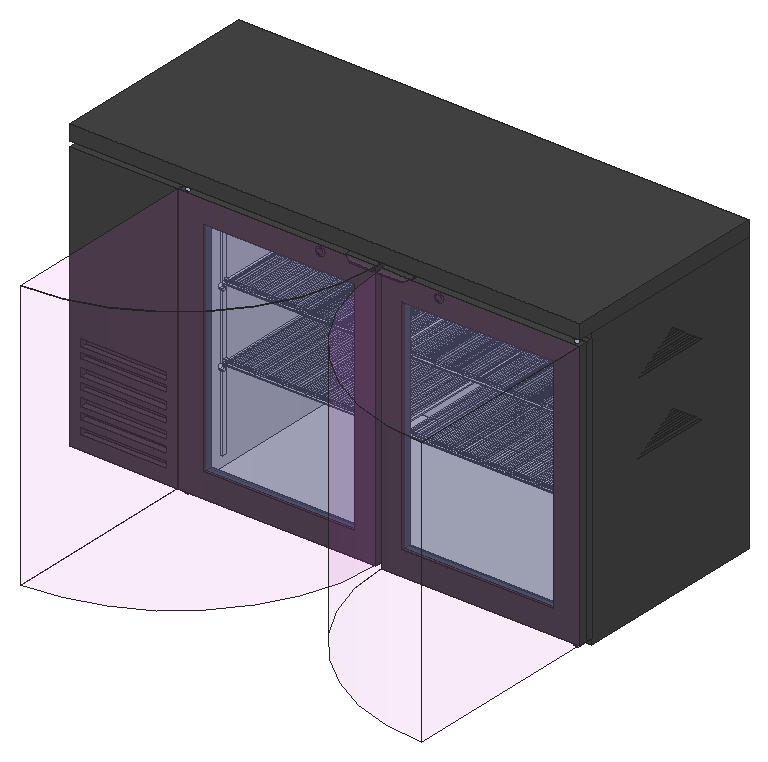
Revit family "QF_True_TBB24-60-2G-Z1-BST-B-1_Glass_Swing_Door_Back_Bar", category Specialty Equipment, Revit 2021 (continued)
Definition of nested family "TBB24-60-2G-Z1-BST-B-1"
  Forms (in)
    Extrusion 218, solid
      sketch origin (40.40747, -21.41792, 22.04105) x (0, 0, -1) y (1, 0, 0)
        loop
          circle (-0.03189, 15.80488) r 0.03205
      from 0 to -18.90457
    Extrusion 219, solid
      sketch origin (21.18991, -21.41792, 13.54105) x (0, 0, -1) y (1, 0, 0)
        loop
          circle (-0.03189, 15.80488) r 0.03205
      from 0 to -18.90457
    Extrusion 220, solid
      sketch origin (40.73881, -21.41792, 13.54105) x (0, 0, -1) y (1, 0, 0)
        loop
          circle (-0.03189, 15.80488) r 0.03205
      from 0 to -18.90457
    Extrusion 221, solid
      sketch origin (21.52125, -21.41792, 13.54105) x (0, 0, -1) y (1, 0, 0)
        loop
          circle (-0.03189, 15.80488) r 0.03205
      from 0 to -18.90457
    Extrusion 222, solid
      sketch origin (21.85259, -21.41792, 13.54105) x (0, 0, -1) y (1, 0, 0)
        loop
          circle (-0.03189, 15.80488) r 0.03205
      from 0 to -18.90457
    Extrusion 223, solid
      sketch origin (22.18392, -21.41792, 13.54105) x (0, 0, -1) y (1, 0, 0)
        loop
          circle (-0.03189, 15.80488) r 0.03205
      from 0 to -18.90457
    Extrusion 224, solid
      sketch origin (22.51526, -21.41792, 13.54105) x (0, 0, -1) y (1, 0, 0)
        loop
          circle (-0.03189, 15.80488) r 0.03205
      from 0 to -18.90457
    Extrusion 225, solid
      sketch origin (22.8466, -21.41792, 13.54105) x (0, 0, -1) y (1, 0, 0)
        loop
          circle (-0.03189, 15.80488) r 0.03205
      from 0 to -18.90457
    Extrusion 226, solid
      sketch origin (23.17793, -21.41792, 13.54105) x (0, 0, -1) y (1, 0, 0)
        loop
          circle (-0.03189, 15.80488) r 0.03205
      from 0 to -18.90457
    Extrusion 227, solid
      sketch origin (23.50927, -21.41792, 13.54105) x (0, 0, -1) y (1, 0, 0)
        loop
          circle (-0.03189, 15.80488) r 0.03205
      from 0 to -18.90457
    Extrusion 228, solid
      sketch origin (23.84061, -21.41792, 13.54105) x (0, 0, -1) y (1, 0, 0)
        loop
          circle (-0.03189, 15.80488) r 0.03205
      from 0 to -18.90457
    Extrusion 229, solid
      sketch origin (24.17195, -21.41792, 13.54105) x (0, 0, -1) y (1, 0, 0)
        loop
          circle (-0.03189, 15.80488) r 0.03205
      from 0 to -18.90457
    Extrusion 230, solid
      sketch origin (24.50328, -21.41792, 13.54105) x (0, 0, -1) y (1, 0, 0)
        loop
          circle (-0.03189, 15.80488) r 0.03205
      from 0 to -18.90457
    Extrusion 231, solid
      sketch origin (24.83462, -21.41792, 13.54105) x (0, 0, -1) y (1, 0, 0)
        loop
          circle (-0.03189, 15.80488) r 0.03205
      from 0 to -18.90457
    Extrusion 232, solid
      sketch origin (25.16596, -21.41792, 13.54105) x (0, 0, -1) y (1, 0, 0)
        loop
          circle (-0.03189, 15.80488) r 0.03205
      from 0 to -18.90457
    Extrusion 233, solid
      sketch origin (25.4973, -21.41792, 13.54105) x (0, 0, -1) y (1, 0, 0)
        loop
          circle (-0.03189, 15.80488) r 0.03205
      from 0 to -18.90457
    Extrusion 234, solid
      sketch origin (25.82863, -21.41792, 13.54105) x (0, 0, -1) y (1, 0, 0)
        loop
          circle (-0.03189, 15.80488) r 0.03205
      from 0 to -18.90457
    Extrusion 235, solid
      sketch origin (26.15997, -21.41792, 13.54105) x (0, 0, -1) y (1, 0, 0)
        loop
          circle (-0.03189, 15.80488) r 0.03205
      from 0 to -18.90457
    Extrusion 236, solid
      sketch origin (26.49131, -21.41792, 13.54105) x (0, 0, -1) y (1, 0, 0)
        loop
          circle (-0.03189, 15.80488) r 0.03205
      from 0 to -18.90457
    Extrusion 237, solid
      sketch origin (26.82264, -21.41792, 13.54105) x (0, 0, -1) y (1, 0, 0)
        loop
          circle (-0.03189, 15.80488) r 0.03205
      from 0 to -18.90457
    Extrusion 238, solid
      sketch origin (27.15398, -21.41792, 13.54105) x (0, 0, -1) y (1, 0, 0)
        loop
          circle (-0.03189, 15.80488) r 0.03205
      from 0 to -18.90457
    Extrusion 239, solid
      sketch origin (27.48532, -21.41792, 13.54105) x (0, 0, -1) y (1, 0, 0)
        loop
          circle (-0.03189, 15.80488) r 0.03205
      from 0 to -18.90457
    Extrusion 240, solid
      sketch origin (27.81666, -21.41792, 13.54105) x (0, 0, -1) y (1, 0, 0)
        loop
          circle (-0.03189, 15.80488) r 0.03205
      from 0 to -18.90457
    Extrusion 241, solid
      sketch origin (28.14799, -21.41792, 13.54105) x (0, 0, -1) y (1, 0, 0)
        loop
          circle (-0.03189, 15.80488) r 0.03205
      from 0 to -18.90457
    Extrusion 242, solid
      sketch origin (28.47933, -21.41792, 13.54105) x (0, 0, -1) y (1, 0, 0)
        loop
          circle (-0.03189, 15.80488) r 0.03205
      from 0 to -18.90457
    Extrusion 243, solid
      sketch origin (28.81067, -21.41792, 13.54105) x (0, 0, -1) y (1, 0, 0)
        loop
          circle (-0.03189, 15.80488) r 0.03205
      from 0 to -18.90457
    Extrusion 244, solid
      sketch origin (29.142, -21.41792, 13.54105) x (0, 0, -1) y (1, 0, 0)
        loop
          circle (-0.03189, 15.80488) r 0.03205
      from 0 to -18.90457
    Extrusion 245, solid
      sketch origin (29.47334, -21.41792, 13.54105) x (0, 0, -1) y (1, 0, 0)
        loop
          circle (-0.03189, 15.80488) r 0.03205
      from 0 to -18.90457
    Extrusion 246, solid
      sketch origin (29.80468, -21.41792, 13.54105) x (0, 0, -1) y (1, 0, 0)
        loop
          circle (-0.03189, 15.80488) r 0.03205
      from 0 to -18.90457
    Extrusion 247, solid
      sketch origin (30.13602, -21.41792, 13.54105) x (0, 0, -1) y (1, 0, 0)
        loop
          circle (-0.03189, 15.80488) r 0.03205
      from 0 to -18.90457
    Extrusion 248, solid
      sketch origin (30.46735, -21.41792, 13.54105) x (0, 0, -1) y (1, 0, 0)
        loop
          circle (-0.03189, 15.80488) r 0.03205
      from 0 to -18.90457
    Extrusion 249, solid
      sketch origin (30.79869, -21.41792, 13.54105) x (0, 0, -1) y (1, 0, 0)
        loop
          circle (-0.03189, 15.80488) r 0.03205
      from 0 to -18.90457
    Extrusion 250, solid
      sketch origin (31.13003, -21.41792, 13.54105) x (0, 0, -1) y (1, 0, 0)
        loop
          circle (-0.03189, 15.80488) r 0.03205
      from 0 to -18.90457
    Extrusion 251, solid
      sketch origin (31.46137, -21.41792, 13.54105) x (0, 0, -1) y (1, 0, 0)
        loop
          circle (-0.03189, 15.80488) r 0.03205
      from 0 to -18.90457
    Extrusion 252, solid
      sketch origin (31.7927, -21.41792, 13.54105) x (0, 0, -1) y (1, 0, 0)
        loop
          circle (-0.03189, 15.80488) r 0.03205
      from 0 to -18.90457
    Extrusion 253, solid
      sketch origin (32.12404, -21.41792, 13.54105) x (0, 0, -1) y (1, 0, 0)
        loop
          circle (-0.03189, 15.80488) r 0.03205
      from 0 to -18.90457
    Extrusion 254, solid
      sketch origin (32.45538, -21.41792, 13.54105) x (0, 0, -1) y (1, 0, 0)
        loop
          circle (-0.03189, 15.80488) r 0.03205
      from 0 to -18.90457
    Extrusion 255, solid
      sketch origin (32.78671, -21.41792, 13.54105) x (0, 0, -1) y (1, 0, 0)
        loop
          circle (-0.03189, 15.80488) r 0.03205
      from 0 to -18.90457
    Extrusion 256, solid
      sketch origin (33.11805, -21.41792, 13.54105) x (0, 0, -1) y (1, 0, 0)
        loop
          circle (-0.03189, 15.80488) r 0.03205
      from 0 to -18.90457
    Extrusion 257, solid
      sketch origin (33.44939, -21.41792, 13.54105) x (0, 0, -1) y (1, 0, 0)
        loop
          circle (-0.03189, 15.80488) r 0.03205
      from 0 to -18.90457
    Extrusion 258, solid
      sketch origin (33.78073, -21.41792, 13.54105) x (0, 0, -1) y (1, 0, 0)
        loop
          circle (-0.03189, 15.80488) r 0.03205
      from 0 to -18.90457
    Extrusion 259, solid
      sketch origin (34.11206, -21.41792, 13.54105) x (0, 0, -1) y (1, 0, 0)
        loop
          circle (-0.03189, 15.80488) r 0.03205
      from 0 to -18.90457
    Extrusion 260, solid
      sketch origin (34.4434, -21.41792, 13.54105) x (0, 0, -1) y (1, 0, 0)
        loop
          circle (-0.03189, 15.80488) r 0.03205
      from 0 to -18.90457
    Extrusion 261, solid
      sketch origin (34.77474, -21.41792, 13.54105) x (0, 0, -1) y (1, 0, 0)
        loop
          circle (-0.03189, 15.80488) r 0.03205
      from 0 to -18.90457
    Extrusion 262, solid
      sketch origin (35.10607, -21.41792, 13.54105) x (0, 0, -1) y (1, 0, 0)
        loop
          circle (-0.03189, 15.80488) r 0.03205
      from 0 to -18.90457
    Extrusion 263, solid
      sketch origin (35.43741, -21.41792, 13.54105) x (0, 0, -1) y (1, 0, 0)
        loop
          circle (-0.03189, 15.80488) r 0.03205
      from 0 to -18.90457
    Extrusion 264, solid
      sketch origin (35.76875, -21.41792, 13.54105) x (0, 0, -1) y (1, 0, 0)
        loop
          circle (-0.03189, 15.80488) r 0.03205
      from 0 to -18.90457
    Extrusion 265, solid
      sketch origin (36.10009, -21.41792, 13.54105) x (0, 0, -1) y (1, 0, 0)
        loop
          circle (-0.03189, 15.80488) r 0.03205
      from 0 to -18.90457
    Extrusion 266, solid
      sketch origin (36.43142, -21.41792, 13.54105) x (0, 0, -1) y (1, 0, 0)
        loop
          circle (-0.03189, 15.80488) r 0.03205
      from 0 to -18.90457
    Extrusion 267, solid
      sketch origin (36.76276, -21.41792, 13.54105) x (0, 0, -1) y (1, 0, 0)
        loop
          circle (-0.03189, 15.80488) r 0.03205
      from 0 to -18.90457
    Extrusion 268, solid
      sketch origin (37.0941, -21.41792, 13.54105) x (0, 0, -1) y (1, 0, 0)
        loop
          circle (-0.03189, 15.80488) r 0.03205
      from 0 to -18.90457
    Extrusion 269, solid
      sketch origin (37.42544, -21.41792, 13.54105) x (0, 0, -1) y (1, 0, 0)
        loop
          circle (-0.03189, 15.80488) r 0.03205
      from 0 to -18.90457
    Extrusion 270, solid
      sketch origin (37.75677, -21.41792, 13.54105) x (0, 0, -1) y (1, 0, 0)
        loop
          circle (-0.03189, 15.80488) r 0.03205
      from 0 to -18.90457
    Extrusion 271, solid
      sketch origin (38.08811, -21.41792, 13.54105) x (0, 0, -1) y (1, 0, 0)
        loop
          circle (-0.03189, 15.80488) r 0.03205
      from 0 to -18.90457
    Extrusion 272, solid
      sketch origin (38.41945, -21.41792, 13.54105) x (0, 0, -1) y (1, 0, 0)
        loop
          circle (-0.03189, 15.80488) r 0.03205
      from 0 to -18.90457
    Extrusion 273, solid
      sketch origin (38.75078, -21.41792, 13.54105) x (0, 0, -1) y (1, 0, 0)
        loop
          circle (-0.03189, 15.80488) r 0.03205
      from 0 to -18.90457
    Extrusion 274, solid
      sketch origin (39.08212, -21.41792, 13.54105) x (0, 0, -1) y (1, 0, 0)
        loop
          circle (-0.03189, 15.80488) r 0.03205
      from 0 to -18.90457
    Extrusion 275, solid
      sketch origin (39.41346, -21.41792, 13.54105) x (0, 0, -1) y (1, 0, 0)
        loop
          circle (-0.03189, 15.80488) r 0.03205
      from 0 to -18.90457
    Extrusion 276, solid
      sketch origin (39.7448, -21.41792, 13.54105) x (0, 0, -1) y (1, 0, 0)
        loop
          circle (-0.03189, 15.80488) r 0.03205
      from 0 to -18.90457
    Extrusion 277, solid
      sketch origin (40.07613, -21.41792, 13.54105) x (0, 0, -1) y (1, 0, 0)
        loop
          circle (-0.03189, 15.80488) r 0.03205
      from 0 to -18.90457
    Extrusion 278, solid
      sketch origin (40.40747, -21.41792, 13.54105) x (0, 0, -1) y (1, 0, 0)
        loop
          circle (-0.03189, 15.80488) r 0.03205
      from 0 to -18.90457
    Revolve 279, solid
      sketch origin (-45.75, -24.2475, 32.27501) x (0, 0, -1) y (1, 0, 0)
        loop
          line (-0.66249, 59.28125) -> (0, 59.28125) -> (0, 59.53125) -> (-0.5, 59.53125) -> (-0.5, 59.70135) -> (-0.66249, 59.70135) -> (-0.66249, 59.28125)
        axis (-0.66249, 59.28125) -> (0, 59.28125)
      angle from 0 to 360
    Revolve 280, solid
      sketch origin (118.5625, -24.2475, 32.27501) x (0, 0, -1) y (1, 0, 0)
        loop
          line (-0.66249, -59.28125) -> (-0.66249, -59.70135) -> (-0.5, -59.70135) -> (-0.5, -59.53125) -> (0, -59.53125) -> (0, -59.28125) -> (-0.66249, -59.28125)
        axis (-0.66249, -59.28125) -> (0, -59.28125)
      angle from 0 to 360
    Blend 281, solid, material <- "Door Finish"
      base sketch origin (-19, -24.875, 35.99786) x (0, 0, -1) y (1, 0, 0)
        loop
          circle (4.37806, 48.52437) r 0.5
      top sketch origin (-19, -24.875, 35.99786) x (0, 0, 1) y (1, 0, 0)
        loop
          circle (-4.37806, 48.52437) r 0.37406
      from 0 to 0.04478
    Extrusion 282, solid, material <- "Door Finish"
      sketch origin (36.09375, -23.80172, 31.67503) x (0, 0, -1) y (0, 1, 0)
        loop
          line (-0.59999, -0.37926) -> (-0.72499, -0.37926) -> (-0.72499, -1.07258) -> (-0.43164, -1.54203) -> (-0.28424, -1.54203) -> (-0.59999, -1.03673) -> (-0.59999, -0.37926)
      from 0 to -3.5
    Extrusion 283, void
      sketch origin (36.09375, -24.8743, 32.40001) x (0, 0.848048, 0.529919) y (1, 0, 0)
        loop
          line (0, -3.5) -> (-0.84728, -2.4866) -> (-0.84728, -3.5) -> (0, -3.5)
      from 0 to 0.25
    Extrusion 284, solid, material <- "Door Finish"
      sketch origin (40.21875, -23.80172, 31.67503) x (0, 0, -1) y (0, 1, 0)
        loop
          line (-0.59999, -0.37926) -> (-0.72499, -0.37926) -> (-0.72499, -1.07258) -> (-0.43164, -1.54203) -> (-0.28424, -1.54203) -> (-0.59999, -1.03673) -> (-0.59999, -0.37926)
      from 0 to -3.5
    Extrusion 285, solid, material <- "Door Finish"
      sketch origin (1.0398, -23.09422, 32.9375) x (0, 0, -1) y (1, 0, 0)
        loop
          line (0.66249, 11.74145) -> (32.25, 11.74145) -> (32.25, 35.05395) -> (0.66249, 35.05395) -> (0.66249, 11.74145)
        loop
          line (3.27169, 14.74153) -> (29.40712, 14.74153) -> (29.40712, 32.59088) -> (3.27169, 32.59088) -> (3.27169, 14.74153)
      from 1.78078 to 0.64622
    Extrusion 286, void
      sketch origin (36.71875, -24.8743, 32.40001) x (0, 0.848048, 0.529919) y (1, 0, 0)
        loop
          line (0, 3.5) -> (-0.84728, 3.5) -> (-0.84728, 2.4866) -> (0, 3.5)
      from 0 to 0.25
    Extrusion 287, solid, visible <- "Show Door Clearance"
      sketch origin (36.01135, -23.09422, 0.6875) x (0, -1, 0) y (-1, 0, 0)
        loop
          line (1.78078, -0.7074) -> (1.78078, -24.0199) -> (24.99753, -24.0199)
          arc (24.99753, -24.0199) -> (18.11444, -7.65777) -> (1.78078, -0.7074) r 23.62444
      from 0 to -31.58751
    Extrusion 288, solid, visible <- "Show Door Clearance"
      sketch origin (36.80115, -23.09422, 0.6875) x (0, 1, 0) y (1, 0, 0)
        loop
          arc (-1.78078, -0.7074) -> (-18.11444, -7.65777) -> (-24.99753, -24.0199) r 23.62444
          line (-24.99753, -24.0199) -> (-1.78078, -24.0199) -> (-1.78078, -0.7074)
      from 0 to -31.58751
    Extrusion 289, solid
      sketch origin (34.40058, -23.09422, 3.53038) x (-1, 0, 0) y (0, -1, 0)
        loop
          line (18.61924, 1.4635) -> (0.7699, 1.4635) -> (0.7699, 0.9635) -> (18.61924, 0.9635) -> (18.61924, 1.4635)
      from 0 to 26.13543
    Extrusion 290, solid
      sketch origin (57.80107, -23.09422, 3.53038) x (-1, 0, 0) y (0, -1, 0)
        loop
          line (18.61924, 1.4635) -> (0.7699, 1.4635) -> (0.7699, 0.9635) -> (18.61924, 0.9635) -> (18.61924, 1.4635)
      from 0 to 26.13543
  Cuts and joins
    Extrusion 3, Extrusion 5 cuts Extrusion 2
    Extrusion 5 cuts Extrusion 4
    joined: Extrusion 26, Extrusion 27
    Extrusion 283, Extrusion 286 cuts Extrusion 282
    Extrusion 286 cuts Extrusion 285
    Extrusion 286 cuts Extrusion 284
  Lines and regions (in)
    Split face 1
      outline origin (0, 0.03125, 32.6875) x (0, 0, 1) y (1, 0, 0)
        loop
          line (-15.04167, 10.7061) -> (-29.59231, 10.7061) -> (-29.59231, 0.9561) -> (-15.04167, 0.9561) -> (-15.04167, 10.7061)
    Split face 2
      outline origin (60.03125, 0, 0) x (-1, 0, 0) y (0, 0, 1)
        loop
          line (48.03125, 32.9375) -> (48.03125, 0)
        loop
          line (45.65625, 0) -> (45.65625, 32.9375)
        loop
          line (2.75, 32.9375) -> (2.75, 0)
    Split face 3
      outline origin (0, -24.875, 32.27501) x (-1, 0, 0) y (0, 0, -1)
        loop
          line (-2.26866, 1.36126) -> (-2.26866, 2.86126) -> (-10.197, 2.86126) -> (-10.197, 1.36126) -> (-2.26866, 1.36126)
    symbolic lines
      curve 1: line (60.03125, 0, 0) -> (0, 0, 0)
      curve 2: line (0, 0, 0) -> (0, -25.34375, 0)
      curve 3: line (60.03125, -25.34375, 0) -> (60.03125, 0, 0)
      curve 4: line (0, -24.875, 0) -> (60.03125, -24.875, 0)
      curve 7: line (33.34928, -25.34375, 0) -> (32.68817, -24.875, 0)
      curve 8: line (33.34928, -25.34375, 0) -> (36.09375, -25.34375, 0)
      curve 9: line (36.09375, -25.34375, 0) -> (36.09375, -24.875, 0)
      curve 10: line (39.46322, -25.34375, 0) -> (40.12433, -24.875, 0)
      curve 11: line (39.46322, -25.34375, 0) -> (36.71875, -25.34375, 0)
      curve 12: line (36.71875, -25.34375, 0) -> (36.71875, -24.875, 0)
    symbolic lines, visible <- "Show Door Clearance"
      curve 5: line (12.78125, -24.875, 0) -> (32.83289, -36.45182, 0)
      curve 6: line (60.03125, -24.875, 0) -> (39.97961, -36.45182, 0)
      curve 13: arc (36.09375, -24.875, 0) -> (35.21239, -30.8744, 0) -> (32.83289, -36.45182, 0) r 23.62444
      curve 14: arc (39.97961, -36.45182, 0) -> (37.60011, -30.8744, 0) -> (36.71875, -24.875, 0) r 23.62444
  Dimensions and locks (in)
    equal spacing: plane 3 "LEFT", plane 7 "Center Y", plane 4 "RIGHT"
    "Length": plane 3 "LEFT" to plane 4 "RIGHT"
    equal spacing: plane 5 "FRONT", plane 8 "Center X", plane 1 "BACK"
    "Depth": plane 5 "FRONT" to plane 1 "BACK"
    "Height": plane 6 "TOP" to level
    plane 1 "BACK" to plane 9 = 48 3/32"
    plane 10 to level = 11/16"
    plane 5 "FRONT" to plane 1 "BACK" = 25 11/32"
    plane 9 to plane 1 "BACK" = 48 3/32"
    plane 6 "TOP" to plane 11 = 1 25/32"
    equal spacing: group 1, group 3, group 4, group 5, group 6, group 7, group 8, group 9, group 10, group 11, group 12, group 13, group 14, group 15, group 16, group 17, group 18, group 19, group 20, group 21, group 22, group 23, group 24, group 25, group 26, group 27, group 28, group 29, group 30, group 31, group 32, group 33, group 34, group 35, group 36, group 37, group 38, group 39, group 40, group 41, group 42, group 43, group 44, group 45, group 46, group 47, group 48, group 49, group 50, group 2  (x3)
    plane 5 "FRONT" to plane 9 = 22 3/4"
    plane 4 "RIGHT" to plane 3 "LEFT" = 60 1/32"
    plane 15 to plane 1 "BACK" = 24 7/8"
    equal spacing: group 51, group 53, group 54, group 55, group 56, group 57, group 58, group 59, group 60, group 61, group 62, group 63, group 64, group 65, group 66, group 67, group 68, group 69, group 70, group 71, group 72, group 73, group 74, group 75, group 76, group 77, group 78, group 79, group 80, group 81, group 82, group 83, group 84, group 85, group 86, group 87, group 88, group 89, group 90, group 91, group 92, group 93, group 94, group 95, group 96, group 97, group 98, group 99, group 100, group 101, group 102, group 103, group 104, group 105, group 106, group 107, group 108, group 109, group 110, group 52  (x3)
    aligned and locked: level to plane 2
  Automatic sketch dimensions
    Extrusion 1 sketch curve to plane 3 "LEFT" = 0"
    plane 4 "RIGHT" to Extrusion 1 sketch curve = 0"
    Extrusion 1 sketch curve to plane 11 = 0"
    Extrusion 1 sketch curve to plane 6 "TOP" = 0"
    plane 11 to Extrusion 2 sketch curve = 0"
    Extrusion 2 sketch curve to level = 0"
    Extrusion 2 sketch curve to plane 1 "BACK" = 0"
    Extrusion 2 sketch curve to plane 13 = 1.6763"
    plane 1 "BACK" to Extrusion 3 sketch curve = 1.91691"
    Extrusion 3 sketch curve to plane 13 = 1.6763"
    plane 3 "LEFT" to Extrusion 3 sketch curve = 14 29/32"
    plane 4 "RIGHT" to Extrusion 3 sketch curve = 2.61437"
    Extrusion 4 sketch curve to Extrusion 2 = 0"
    Extrusion 4 sketch curve to Extrusion 2 = 0.66249"
    Extrusion 4 sketch curve to Extrusion 2 = 11/16"
    Extrusion 2 to Extrusion 4 sketch curve = 12 25/32"
    Extrusion 4 to Extrusion 5 sketch curve = 1.61339"
    Extrusion 5 sketch curve to Extrusion 5 sketch curve = 0.82714"  (x4)
    Extrusion 5 sketch curve to Extrusion 5 sketch curve = 0.79786"
    Extrusion 5 sketch curve to Extrusion 5 sketch curve = 0.57908"  (x2)
    Extrusion 5 sketch curve to Extrusion 5 sketch curve = 1"  (x3)
    Extrusion 5 sketch curve to Extrusion 5 sketch curve = 0.71878"
    Extrusion 5 sketch curve to Extrusion 5 sketch curve = 0.84378"
    Extrusion 5 sketch curve to Extrusion 5 sketch curve = 0.45408"
    Extrusion 4 to Extrusion 5 sketch curve = 1.27626"  (x2)
    Extrusion 5 sketch curve to Extrusion 5 sketch curve = 0"  (x11)
    Extrusion 4 to Extrusion 5 sketch curve = 1.32665"
    Extrusion 6 sketch curve to Extrusion 2 = 0"
    Extrusion 2 to Extrusion 6 sketch curve = 9/16"
    Extrusion 6 sketch curve to Extrusion 6 sketch curve = 3/4"  (x3)
    Extrusion 6 sketch curve to Extrusion 2 = 13.59037"
    Extrusion 2 to Extrusion 6 sketch curve = 3/4"
    Extrusion 6 sketch curve to Extrusion 6 sketch curve = 0"  (x2)
    Extrusion 6 sketch curve to Extrusion 6 sketch curve = 0.44096"
    Extrusion 6 sketch curve to Extrusion 6 sketch curve = 4.44897"
    Extrusion 6 sketch curve to Extrusion 6 sketch curve = 10.52264"
    Split face 1 sketch curve to Extrusion 6 = 2.53269"
    Split face 1 sketch curve to Extrusion 6 = 2.4513"
    Split face 1 sketch curve to Extrusion 6 = 0.9561"
    Split face 1 sketch curve to Extrusion 6 = 1.31655"
    Extrusion 7 sketch curve to Extrusion 6 = 0.05904"
    Extrusion 6 to Extrusion 7 sketch curve = 0.19096"  (x2)
    Extrusion 7 sketch curve to Extrusion 6 = 0.31699"  (x2)
    Extrusion 7 sketch curve to Extrusion 7 sketch curve = 1/2"  (x2)
    Extrusion 7 sketch curve to Extrusion 7 sketch curve = 1/4"
    Extrusion 7 sketch curve to Extrusion 7 sketch curve = 0.43301"  (x2)
    Extrusion 8 sketch curve to Extrusion 6 = 0.72262"
    Extrusion 8 sketch curve to Extrusion 6 = 1.73005"
    Split face 2 sketch curve to cut or joined group of Extrusion 2, Extrusion 3, Extrusion 5 = 0"  (x6)
    Split face 2 sketch curve to cut or joined group of Extrusion 2, Extrusion 3, Extrusion 5 = 2 3/4"
    Split face 2 sketch curve to cut or joined group of Extrusion 2, Extrusion 3, Extrusion 5 = 14 3/8"
    Split face 2 sketch curve to Split face 2 sketch curve = 2 3/8"
    plane 11 to Blend 9 sketch curve = 1.31771"  (x2)
    plane 7 "Center Y" to Blend 9 sketch curve = 13.50874"  (x2)
    Split face 3 sketch curve to cut or joined group of Extrusion 4, Extrusion 5 = 1.2576"
    Split face 3 sketch curve to cut or joined group of Extrusion 4, Extrusion 5 = 0.9924"
    Split face 3 sketch curve to cut or joined group of Extrusion 4, Extrusion 5 = 1.36126"
    Split face 3 sketch curve to Split face 3 sketch curve = 1 1/2"
    Extrusion 10 sketch curve to Extrusion 3 = 1.6763"
    Extrusion 10 sketch curve to Extrusion 10 sketch curve = 1/2"  (x2)
    Extrusion 3 to Extrusion 10 sketch curve = 3.25101"
    Extrusion 3 to Extrusion 10 sketch curve = 1.46788"  (x2)
    Extrusion 3 to Extrusion 10 sketch curve = 1.74463"  (x2)
    Extrusion 3 to Extrusion 11 sketch curve = 2.75101"
    Extrusion 11 sketch curve to Extrusion 11 sketch curve = 1/2"  (x2)
    Extrusion 3 to Extrusion 11 sketch curve = 2.1763"
    Extrusion 3 to Extrusion 11 sketch curve = 1.46788"  (x2)
    Extrusion 3 to Extrusion 11 sketch curve = 1.74463"  (x2)
    Extrusion 3 to Extrusion 12 sketch curve = 1.46788"  (x4)
    Extrusion 12 sketch curve to Extrusion 3 = 3.8189"
    Extrusion 12 sketch curve to Extrusion 12 sketch curve = 1/2"  (x4)
    Extrusion 12 sketch curve to Extrusion 12 sketch curve = 15 5/16"
    Extrusion 12 sketch curve to Extrusion 12 sketch curve = 1.77627"
    Extrusion 3 to Extrusion 12 sketch curve = 1.74463"  (x4)
    Extrusion 12 sketch curve to Extrusion 3 = 4.27984"
    Sweep 13 sketch curve to plane 13 = 0"
    plane 13 to Sweep 13 sketch curve = 1/2"
    plane 7 "Center Y" to Sweep 13 sketch curve = 5.49328"
    Sweep 13 sketch curve to Sweep 13 sketch curve = 1/2"  (x2)
    Sweep 13 sketch curve to plane 13 = 1/2"
    Sweep 13 sketch curve to plane 7 "Center Y" = 14.00672"  (x2)
    plane 1 "BACK" to Sweep 13 sketch curve = 3.04972"
    Sweep 13 sketch curve to Sweep 13 sketch curve = 1/4"
    profile plane to Sweep 13 sketch curve = 0"
    Sweep 13 sketch curve to profile plane = 0.10817"
    Extrusion 10 to Extrusion 14 sketch curve = 0"
    Extrusion 10 to Extrusion 14 sketch curve = 9.35512"  (x2)
    Extrusion 14 sketch curve to Extrusion 10 = 0.44283"
    Extrusion 14 sketch curve to Extrusion 14 sketch curve = 0.44283"  (x3)
    Extrusion 14 sketch curve to Extrusion 14 sketch curve = 0.13831"  (x2)
    Extrusion 14 sketch curve to Extrusion 14 sketch curve = 40.86249"
    Extrusion 10 to Extrusion 15 sketch curve = 0"
    Extrusion 10 to Extrusion 15 sketch curve = 9.35512"  (x2)
    Extrusion 15 sketch curve to Extrusion 10 = 0.44283"
    Extrusion 15 sketch curve to Extrusion 15 sketch curve = 0.44283"  (x3)
    Extrusion 15 sketch curve to Extrusion 15 sketch curve = 0.13831"  (x2)
    Extrusion 15 sketch curve to Extrusion 15 sketch curve = 40.86249"
    Extrusion 16 sketch curve to Extrusion 12 = 0"
    Extrusion 12 to Extrusion 16 sketch curve = 9.35512"
    Extrusion 16 sketch curve to Extrusion 16 sketch curve = 0.44283"  (x2)
    Extrusion 16 sketch curve to Extrusion 16 sketch curve = 0.13831"
    Extrusion 17 sketch curve to Extrusion 12 = 0"
    Extrusion 12 to Extrusion 17 sketch curve = 9.35512"
    Extrusion 17 sketch curve to Extrusion 17 sketch curve = 0.44283"  (x2)
    Extrusion 17 sketch curve to Extrusion 17 sketch curve = 0.13831"
    plane 1 "BACK" to Extrusion 18 sketch curve = 2.29972"
    plane 11 to Extrusion 18 sketch curve = 11.76224"
    Extrusion 18 sketch curve to Extrusion 18 sketch curve = 0.44283"  (x2)
    Extrusion 18 sketch curve to Extrusion 18 sketch curve = 0.13831"
    Extrusion 10 to Extrusion 19 sketch curve = 0"
    Extrusion 19 sketch curve to Extrusion 10 = 9.14488"  (x2)
    Extrusion 19 sketch curve to Extrusion 10 = 0.44283"
    Extrusion 19 sketch curve to Extrusion 19 sketch curve = 0.44283"  (x3)
    Extrusion 19 sketch curve to Extrusion 19 sketch curve = 0.13831"  (x2)
    Extrusion 19 sketch curve to Extrusion 19 sketch curve = 40.86249"
    Extrusion 20 sketch curve to Extrusion 12 = 0"
    Extrusion 20 sketch curve to Extrusion 12 = 9.14488"
    Extrusion 20 sketch curve to Extrusion 20 sketch curve = 0.44283"  (x2)
    Extrusion 20 sketch curve to Extrusion 20 sketch curve = 0.13831"
    Extrusion 21 sketch curve to Extrusion 12 = 0"
    Extrusion 21 sketch curve to Extrusion 12 = 9.14488"
    Extrusion 21 sketch curve to Extrusion 21 sketch curve = 0.44283"  (x2)
    Extrusion 21 sketch curve to Extrusion 21 sketch curve = 0.13831"
    plane 13 to Extrusion 22 sketch curve = 0.25025"
    plane 11 to Extrusion 22 sketch curve = 10.77657"
    plane 13 to Extrusion 23 sketch curve = 0.25025"
    Extrusion 23 sketch curve to plane 12 = 11.59843"
    plane 13 to Extrusion 24 sketch curve = 0.25025"
    plane 11 to Extrusion 24 sketch curve = 10.77657"
    plane 13 to Extrusion 25 sketch curve = 0.25025"
    Extrusion 25 sketch curve to plane 12 = 11.59452"
    plane 4 "RIGHT" to Extrusion 26 sketch curve = 11/32"
    Extrusion 26 sketch curve to Extrusion 26 sketch curve = 0.14658"
    Extrusion 26 sketch curve to Extrusion 26 sketch curve = 0.2895"  (x2)
    plane 15 to Extrusion 26 sketch curve = 0.4309"  (x2)
    Extrusion 26 sketch curve to Extrusion 26 sketch curve = 0.15382"  (x4)
    Extrusion 26 sketch curve to Extrusion 26 sketch curve = 1.19762"
    Extrusion 26 sketch curve to Extrusion 26 sketch curve = 0.08965"  (x3)
    plane 15 to Extrusion 26 sketch curve = 1.56435"
    plane 3 "LEFT" to Extrusion 26 sketch curve = 14.87959"
    Extrusion 26 sketch curve to Extrusion 26 sketch curve = 1.13345"
    Extrusion 26 sketch curve to Extrusion 26 sketch curve = 0.43608"
    Extrusion 26 sketch curve to Extrusion 26 sketch curve = 1.2231"
    Extrusion 26 sketch curve to Extrusion 26 sketch curve = 1.34988"
    Extrusion 27 sketch curve to Extrusion 2 = 11/16"  (x2)
    Extrusion 27 sketch curve to Extrusion 2 = 0.33506"  (x2)
    Extrusion 2 to Extrusion 27 sketch curve = 13 5/32"
    Extrusion 27 sketch curve to Extrusion 27 sketch curve = 1.76048"
    Extrusion 2 to Extrusion 27 sketch curve = 2.10423"
    Extrusion 2 to Extrusion 27 sketch curve = 11/32"
    Revolve 28 sketch curve to plane 10 = 0"  (x2)
    plane 14 to Revolve 28 sketch curve = 1/16"
    plane 15 to Revolve 28 sketch curve = 1.0928"
    Revolve 28 sketch curve to Revolve 28 sketch curve = 0.19414"
    Revolve 28 sketch curve to plane 10 = 0.14497"
    Revolve 28 sketch curve to Revolve 28 sketch curve = 0"
    Revolve 29 sketch curve to plane 10 = 0"  (x2)
    plane 14 to Revolve 29 sketch curve = 1/16"
    plane 15 to Revolve 29 sketch curve = 1.0928"
    Revolve 29 sketch curve to Revolve 29 sketch curve = 0.19414"
    Revolve 29 sketch curve to plane 10 = 0.14497"
    Revolve 29 sketch curve to Revolve 29 sketch curve = 0"
    Extrusion 30 sketch curve to Extrusion 2 = 0.66249"
    Extrusion 30 sketch curve to Extrusion 30 sketch curve = 1"  (x3)
    Extrusion 30 sketch curve to Extrusion 2 = 1 11/16"
    Extrusion 30 sketch curve to Extrusion 2 = 11/16"
    Extrusion 2 to Extrusion 30 sketch curve = 12 25/32"
    Extrusion 30 sketch curve to Extrusion 30 sketch curve = 21 5/8"
    Extrusion 2 to Extrusion 31 sketch curve = 0"
    Extrusion 31 sketch curve to Extrusion 2 = 0.66249"
    Extrusion 31 sketch curve to Extrusion 31 sketch curve = 1"  (x2)
    Extrusion 31 sketch curve to Extrusion 2 = 1 11/16"
    Extrusion 31 sketch curve to Extrusion 2 = 11/16"
    Extrusion 2 to Extrusion 31 sketch curve = 1"
    Extrusion 31 sketch curve to Extrusion 31 sketch curve = 21 5/8"
    Extrusion 2 to Extrusion 32 sketch curve = 0"
    Extrusion 32 sketch curve to Extrusion 2 = 0.66249"
    Extrusion 32 sketch curve to Extrusion 2 = 3.27169"
    Extrusion 32 sketch curve to Extrusion 2 = 3.53038"
    Extrusion 32 sketch curve to Extrusion 2 = 11/16"
    Extrusion 2 to Extrusion 32 sketch curve = 3.00008"
    Extrusion 32 sketch curve to Extrusion 32 sketch curve = 17.84934"
    Extrusion 32 sketch curve to Extrusion 32 sketch curve = 2.46307"
    Sweep 33 sketch curve to plane 13 = 0"
    plane 13 to Sweep 33 sketch curve = 1/2"
    plane 7 "Center Y" to Sweep 33 sketch curve = 5.49328"
    Sweep 33 sketch curve to Sweep 33 sketch curve = 1/2"  (x2)
    Sweep 33 sketch curve to plane 13 = 1/2"
    Sweep 33 sketch curve to plane 7 "Center Y" = 14.00672"  (x2)
    plane 1 "BACK" to Sweep 33 sketch curve = 3.04972"
    Sweep 33 sketch curve to Sweep 33 sketch curve = 1/4"
    profile plane to Sweep 33 sketch curve = 0"
    Sweep 33 sketch curve to profile plane = 0.10817"
    plane 1 "BACK" to Extrusion 34 sketch curve = 2.29972"
    plane 11 to Extrusion 34 sketch curve = 11.76224"
    Extrusion 34 sketch curve to Extrusion 34 sketch curve = 0.44283"  (x2)
    Extrusion 34 sketch curve to Extrusion 34 sketch curve = 0.13831"
    Extrusion 35 sketch curve to Extrusion 12 = 0"
    Extrusion 35 sketch curve to Extrusion 12 = 9.72603"
    Extrusion 35 sketch curve to Extrusion 12 = 0.44283"
    Extrusion 35 sketch curve to Extrusion 35 sketch curve = 0.13831"
    Extrusion 35 sketch curve to Extrusion 35 sketch curve = 0.58114"
    Extrusion 36 sketch curve to Extrusion 12 = 0"
    Extrusion 12 to Extrusion 36 sketch curve = 9.14488"
    Extrusion 36 sketch curve to Extrusion 36 sketch curve = 0.44283"
    Extrusion 36 sketch curve to Extrusion 36 sketch curve = 0.13831"
    Extrusion 36 sketch curve to Extrusion 12 = 0.44283"
    Sweep 37 sketch curve to plane 13 = 0"
    plane 13 to Sweep 37 sketch curve = 1/2"
    plane 7 "Center Y" to Sweep 37 sketch curve = 6.7986"
    Sweep 37 sketch curve to Sweep 37 sketch curve = 1/2"  (x2)
    Sweep 37 sketch curve to plane 13 = 1/2"
    plane 4 "RIGHT" to Sweep 37 sketch curve = 3.71703"  (x2)
    plane 1 "BACK" to Sweep 37 sketch curve = 3.04972"
    Sweep 37 sketch curve to Sweep 37 sketch curve = 1/4"
    Sweep 37 sketch curve to Sweep 37 sketch curve = 0"
    profile plane to Sweep 37 sketch curve = 0"
    Sweep 37 sketch curve to profile plane = 0.10817"
    Sweep 38 sketch curve to plane 13 = 0"
    plane 13 to Sweep 38 sketch curve = 1/2"
    plane 7 "Center Y" to Sweep 38 sketch curve = 6.7986"
    Sweep 38 sketch curve to Sweep 38 sketch curve = 1/2"  (x2)
    Sweep 38 sketch curve to plane 13 = 1/2"
    plane 4 "RIGHT" to Sweep 38 sketch curve = 3.71703"  (x2)
    plane 1 "BACK" to Sweep 38 sketch curve = 3.04972"
    Sweep 38 sketch curve to Sweep 38 sketch curve = 1/4"
    Sweep 38 sketch curve to Sweep 38 sketch curve = 0"
    profile plane to Sweep 38 sketch curve = 0"
    Sweep 38 sketch curve to profile plane = 0.10817"
    Revolve 279 sketch curve to plane 11 = 0"  (x2)
    plane 11 to Revolve 279 sketch curve = 0.16249"  (x2)
    Revolve 279 sketch curve to Revolve 279 sketch curve = 1/2"
    plane 3 "LEFT" to Revolve 279 sketch curve = 13 17/32"
    Revolve 279 sketch curve to Revolve 279 sketch curve = 1/4"
    Revolve 279 sketch curve to Revolve 279 sketch curve = 0.1701"
    Revolve 279 sketch curve to Revolve 279 sketch curve = 0"
    Revolve 280 sketch curve to plane 11 = 0"  (x2)
    plane 11 to Revolve 280 sketch curve = 0.16249"  (x2)
    Revolve 280 sketch curve to Revolve 280 sketch curve = 1/2"
    plane 4 "RIGHT" to Revolve 280 sketch curve = 1.1701"
    Revolve 280 sketch curve to Revolve 280 sketch curve = 0.1701"
    Revolve 280 sketch curve to Revolve 280 sketch curve = 1/4"
    Revolve 280 sketch curve to Revolve 280 sketch curve = 0"
    Blend 281 sketch curve to plane 7 "Center Y" = 0.49126"  (x2)
    plane 11 to Blend 281 sketch curve = 1.31771"  (x2)
    Extrusion 282 sketch curve to plane 5 "FRONT" = 0"
    plane 15 to Extrusion 282 sketch curve = 0.0007"
    plane 11 to Extrusion 282 sketch curve = 0.53749"
    Extrusion 282 sketch curve to Extrusion 282 sketch curve = 1/8"
    Extrusion 282 sketch curve to Extrusion 282 sketch curve = 0.16835"
    Extrusion 282 sketch curve to Extrusion 282 sketch curve = 0.1474"
    plane 15 to Extrusion 282 sketch curve = 0.03655"
    Extrusion 282 sketch curve to Extrusion 282 sketch curve = 0.65747"
    Extrusion 283 sketch curve to Extrusion 282 = 0"  (x2)
    Extrusion 283 sketch curve to Extrusion 282 = 0.2937"
    Extrusion 283 sketch curve to Extrusion 282 = 1.0134"
    Extrusion 284 sketch curve to plane 5 "FRONT" = 0"
    plane 15 to Extrusion 284 sketch curve = 0.0007"
    plane 11 to Extrusion 284 sketch curve = 0.53749"
    Extrusion 284 sketch curve to Extrusion 284 sketch curve = 1/8"
    Extrusion 284 sketch curve to Extrusion 284 sketch curve = 0.16835"
    Extrusion 284 sketch curve to Extrusion 284 sketch curve = 0.1474"
    plane 15 to Extrusion 284 sketch curve = 0.03655"
    Extrusion 284 sketch curve to Extrusion 284 sketch curve = 0.65747"
    Extrusion 285 sketch curve to Extrusion 2 = 0.66249"
    Extrusion 285 sketch curve to Extrusion 2 = 3.27169"
    Extrusion 285 sketch curve to Extrusion 2 = 3.53038"
    Extrusion 285 sketch curve to Extrusion 2 = 11/16"
    Extrusion 2 to Extrusion 285 sketch curve = 12 25/32"
    Extrusion 285 sketch curve to Extrusion 285 sketch curve = 3.00008"
    Extrusion 285 sketch curve to Extrusion 285 sketch curve = 17.84934"
    Extrusion 285 sketch curve to Extrusion 285 sketch curve = 2.46307"
    Extrusion 282 to Extrusion 286 sketch curve = 0"
    Extrusion 286 sketch curve to Extrusion 282 = 0.2937"
    Extrusion 282 to Extrusion 286 sketch curve = 3.1116"
    Extrusion 286 sketch curve to Extrusion 286 sketch curve = 1.0134"
    Extrusion 287 sketch curve to plane 15 = 0"
    Extrusion 287 sketch curve to plane 4 "RIGHT" = 0"
    Extrusion 287 sketch curve to plane 4 "RIGHT" = 0.30846"
    plane 15 to Extrusion 287 sketch curve = 0.40568"
    plane 9 to Extrusion 287 sketch curve = 0.00201"
    Extrusion 288 sketch curve to plane 15 = 0"
    plane 9 to Extrusion 288 sketch curve = 0.00201"
    plane 15 to Extrusion 288 sketch curve = 0.40568"
    plane 7 "Center Y" to Extrusion 288 sketch curve = 6 5/64"
    plane 3 "LEFT" to Extrusion 288 sketch curve = 12.47279"
    Extrusion 289 sketch curve to Extrusion 285 = 0"  (x2)
    Extrusion 285 to Extrusion 289 sketch curve = 0.31728"  (x2)
    Extrusion 285 to Extrusion 290 sketch curve = 0.31728"  (x2)
    Extrusion 290 sketch curve to Extrusion 285 = 23.40049"
    Extrusion 290 sketch curve to Extrusion 285 = 5.55115"
    plane 1 "BACK" to curve 1 = 0"
    curve 1 to plane 3 "LEFT" = 0"
    curve 5 to plane 15 = 0"
    plane 5 "FRONT" to curve 7 = 0"
    plane 5 "FRONT" to curve 12 = 0"
    curve 6 to plane 4 "RIGHT" = 0"
    plane 5 "FRONT" to curve 2 = 0"
    plane 5 "FRONT" to curve 3 = 0"
    plane 7 "Center Y" to curve 7 = 3.33365"
    curve 7 to curve 9 = 2.74447"
    curve 8 to curve 12 = 5/8"
    curve 11 to curve 11 = 2.74447"
    plane 3 "LEFT" to curve 5 = 12 25/32"
    curve 7 to curve 7 = 0.66111"
    plane 7 "Center Y" to curve 5 = 2.81727"
    curve 5 to curve 6 = 7.14671"
    curve 10 to curve 10 = 0.66111"
    curve 5 to curve 6 = 0"
    curve 13 to curve 5 = 0.30846"
    plane 15 to curve 13 = 0.40568"
    curve 14 to plane 4 "RIGHT" = 0.30846"
    plane 15 to curve 14 = 0.40568"
    curve 14 to curve 12 = 0"
    radius of Extrusion 39 sketch curve = 0.03205"
    radius of Extrusion 40 sketch curve = 0.03205"
    radius of Extrusion 41 sketch curve = 0.03205"
    radius of Extrusion 42 sketch curve = 0.03205"
    radius of Extrusion 43 sketch curve = 0.03205"
    radius of Extrusion 44 sketch curve = 0.03205"
    radius of Extrusion 45 sketch curve = 0.03205"
    radius of Extrusion 46 sketch curve = 0.03205"
    radius of Extrusion 47 sketch curve = 0.03205"
    radius of Extrusion 48 sketch curve = 0.03205"
    radius of Extrusion 49 sketch curve = 0.03205"
    radius of Extrusion 50 sketch curve = 0.03205"
    radius of Extrusion 51 sketch curve = 0.03205"
    radius of Extrusion 52 sketch curve = 0.03205"
    radius of Extrusion 53 sketch curve = 0.03205"
    radius of Extrusion 54 sketch curve = 0.03205"
    radius of Extrusion 55 sketch curve = 0.03205"
    radius of Extrusion 56 sketch curve = 0.03205"
    radius of Extrusion 57 sketch curve = 0.03205"
    radius of Extrusion 58 sketch curve = 0.03205"
    radius of Extrusion 59 sketch curve = 0.03205"
    radius of Extrusion 60 sketch curve = 0.03205"
    radius of Extrusion 61 sketch curve = 0.03205"
    radius of Extrusion 62 sketch curve = 0.03205"
    radius of Extrusion 63 sketch curve = 0.03205"
    radius of Extrusion 64 sketch curve = 0.03205"
    radius of Extrusion 65 sketch curve = 0.03205"
    radius of Extrusion 66 sketch curve = 0.03205"
    radius of Extrusion 67 sketch curve = 0.03205"
    radius of Extrusion 68 sketch curve = 0.03205"
    radius of Extrusion 69 sketch curve = 0.03205"
    radius of Extrusion 70 sketch curve = 0.03205"
    radius of Extrusion 71 sketch curve = 0.03205"
    radius of Extrusion 72 sketch curve = 0.03205"
    radius of Extrusion 73 sketch curve = 0.03205"
    radius of Extrusion 74 sketch curve = 0.03205"
    radius of Extrusion 75 sketch curve = 0.03205"
    radius of Extrusion 76 sketch curve = 0.03205"
    radius of Extrusion 77 sketch curve = 0.03205"
    radius of Extrusion 78 sketch curve = 0.03205"
    radius of Extrusion 79 sketch curve = 0.03205"
    radius of Extrusion 80 sketch curve = 0.03205"
    radius of Extrusion 81 sketch curve = 0.03205"
    radius of Extrusion 82 sketch curve = 0.03205"
    radius of Extrusion 83 sketch curve = 0.03205"
    radius of Extrusion 84 sketch curve = 0.03205"
    radius of Extrusion 85 sketch curve = 0.03205"
    radius of Extrusion 86 sketch curve = 0.03205"
    radius of Extrusion 87 sketch curve = 0.03205"
    radius of Extrusion 88 sketch curve = 0.03205"
    radius of Extrusion 89 sketch curve = 0.03205"
    radius of Extrusion 90 sketch curve = 0.03205"
    radius of Extrusion 91 sketch curve = 0.03205"
    radius of Extrusion 92 sketch curve = 0.03205"
    radius of Extrusion 93 sketch curve = 0.03205"
    radius of Extrusion 94 sketch curve = 0.03205"
    radius of Extrusion 95 sketch curve = 0.03205"
    radius of Extrusion 96 sketch curve = 0.03205"
    radius of Extrusion 97 sketch curve = 0.03205"
    radius of Extrusion 98 sketch curve = 0.03205"
    radius of Extrusion 99 sketch curve = 0.03205"
    radius of Extrusion 100 sketch curve = 0.03205"
    radius of Extrusion 101 sketch curve = 0.03205"
    radius of Extrusion 102 sketch curve = 0.03205"
    radius of Extrusion 103 sketch curve = 0.03205"
    radius of Extrusion 104 sketch curve = 0.03205"
    radius of Extrusion 105 sketch curve = 0.03205"
    radius of Extrusion 106 sketch curve = 0.03205"
    radius of Extrusion 107 sketch curve = 0.03205"
    radius of Extrusion 108 sketch curve = 0.03205"
    radius of Extrusion 109 sketch curve = 0.03205"
    radius of Extrusion 110 sketch curve = 0.03205"
    radius of Extrusion 111 sketch curve = 0.03205"
    radius of Extrusion 112 sketch curve = 0.03205"
    radius of Extrusion 113 sketch curve = 0.03205"
    radius of Extrusion 114 sketch curve = 0.03205"
    radius of Extrusion 115 sketch curve = 0.03205"
    radius of Extrusion 116 sketch curve = 0.03205"
    radius of Extrusion 117 sketch curve = 0.03205"
    radius of Extrusion 118 sketch curve = 0.03205"
    radius of Extrusion 119 sketch curve = 0.03205"
    radius of Extrusion 120 sketch curve = 0.03205"
    radius of Extrusion 121 sketch curve = 0.03205"
    radius of Extrusion 122 sketch curve = 0.03205"
    radius of Extrusion 123 sketch curve = 0.03205"
    radius of Extrusion 124 sketch curve = 0.03205"
    radius of Extrusion 125 sketch curve = 0.03205"
    radius of Extrusion 126 sketch curve = 0.03205"
    radius of Extrusion 127 sketch curve = 0.03205"
    radius of Extrusion 128 sketch curve = 0.03205"
    radius of Extrusion 129 sketch curve = 0.03205"
    radius of Extrusion 130 sketch curve = 0.03205"
    radius of Extrusion 131 sketch curve = 0.03205"
    radius of Extrusion 132 sketch curve = 0.03205"
    radius of Extrusion 133 sketch curve = 0.03205"
    radius of Extrusion 134 sketch curve = 0.03205"
    radius of Extrusion 135 sketch curve = 0.03205"
    radius of Extrusion 136 sketch curve = 0.03205"
    radius of Extrusion 137 sketch curve = 0.03205"
    radius of Extrusion 138 sketch curve = 0.03205"
    radius of Extrusion 139 sketch curve = 0.03205"
    radius of Extrusion 140 sketch curve = 0.03205"
    radius of Extrusion 141 sketch curve = 0.03205"
    radius of Extrusion 142 sketch curve = 0.03205"
    radius of Extrusion 143 sketch curve = 0.03205"
    radius of Extrusion 144 sketch curve = 0.03205"
    radius of Extrusion 145 sketch curve = 0.03205"
    radius of Extrusion 146 sketch curve = 0.03205"
    radius of Extrusion 147 sketch curve = 0.03205"
    radius of Extrusion 148 sketch curve = 0.03205"
    radius of Extrusion 149 sketch curve = 0.03205"
    radius of Extrusion 150 sketch curve = 0.03205"
    radius of Extrusion 151 sketch curve = 0.03205"
    radius of Extrusion 152 sketch curve = 0.03205"
    radius of Extrusion 153 sketch curve = 0.03205"
    radius of Extrusion 154 sketch curve = 0.03205"
    radius of Extrusion 155 sketch curve = 0.03205"
    radius of Extrusion 156 sketch curve = 0.03205"
    radius of Extrusion 157 sketch curve = 0.03205"
    radius of Extrusion 158 sketch curve = 0.03205"
    radius of Extrusion 159 sketch curve = 0.03205"  (x2)
    radius of Extrusion 218 sketch curve = 0.03205"
    radius of Extrusion 219 sketch curve = 0.03205"  (x2)
    radius of Extrusion 278 sketch curve = 0.03205"
    radius of Extrusion 160 sketch curve = 0.03205"
    radius of Extrusion 220 sketch curve = 0.03205"
    radius of Extrusion 161 sketch curve = 0.03205"
    radius of Extrusion 221 sketch curve = 0.03205"
    radius of Extrusion 162 sketch curve = 0.03205"
    radius of Extrusion 222 sketch curve = 0.03205"
    radius of Extrusion 163 sketch curve = 0.03205"
    radius of Extrusion 223 sketch curve = 0.03205"
    radius of Extrusion 164 sketch curve = 0.03205"
    radius of Extrusion 224 sketch curve = 0.03205"
    radius of Extrusion 165 sketch curve = 0.03205"
    radius of Extrusion 225 sketch curve = 0.03205"
    radius of Extrusion 166 sketch curve = 0.03205"
    radius of Extrusion 226 sketch curve = 0.03205"
    radius of Extrusion 167 sketch curve = 0.03205"
    radius of Extrusion 227 sketch curve = 0.03205"
    radius of Extrusion 168 sketch curve = 0.03205"
    radius of Extrusion 228 sketch curve = 0.03205"
    radius of Extrusion 169 sketch curve = 0.03205"
    radius of Extrusion 229 sketch curve = 0.03205"
    radius of Extrusion 170 sketch curve = 0.03205"
    radius of Extrusion 230 sketch curve = 0.03205"
    radius of Extrusion 171 sketch curve = 0.03205"
    radius of Extrusion 231 sketch curve = 0.03205"
    radius of Extrusion 172 sketch curve = 0.03205"
    radius of Extrusion 232 sketch curve = 0.03205"
    radius of Extrusion 173 sketch curve = 0.03205"
    radius of Extrusion 233 sketch curve = 0.03205"
    radius of Extrusion 174 sketch curve = 0.03205"
    radius of Extrusion 234 sketch curve = 0.03205"
    radius of Extrusion 175 sketch curve = 0.03205"
    radius of Extrusion 235 sketch curve = 0.03205"
    radius of Extrusion 176 sketch curve = 0.03205"
    radius of Extrusion 236 sketch curve = 0.03205"
    radius of Extrusion 177 sketch curve = 0.03205"
    radius of Extrusion 237 sketch curve = 0.03205"
    radius of Extrusion 178 sketch curve = 0.03205"
    radius of Extrusion 238 sketch curve = 0.03205"
    radius of Extrusion 179 sketch curve = 0.03205"
    radius of Extrusion 239 sketch curve = 0.03205"
    radius of Extrusion 180 sketch curve = 0.03205"
    radius of Extrusion 240 sketch curve = 0.03205"
    radius of Extrusion 181 sketch curve = 0.03205"
    radius of Extrusion 241 sketch curve = 0.03205"
    radius of Extrusion 182 sketch curve = 0.03205"
    radius of Extrusion 242 sketch curve = 0.03205"
    radius of Extrusion 183 sketch curve = 0.03205"
    radius of Extrusion 243 sketch curve = 0.03205"
    radius of Extrusion 184 sketch curve = 0.03205"
    radius of Extrusion 244 sketch curve = 0.03205"
    radius of Extrusion 185 sketch curve = 0.03205"
    radius of Extrusion 245 sketch curve = 0.03205"
    radius of Extrusion 186 sketch curve = 0.03205"
    radius of Extrusion 246 sketch curve = 0.03205"
    radius of Extrusion 187 sketch curve = 0.03205"
    radius of Extrusion 247 sketch curve = 0.03205"
    radius of Extrusion 188 sketch curve = 0.03205"
    radius of Extrusion 248 sketch curve = 0.03205"
    radius of Extrusion 189 sketch curve = 0.03205"
    radius of Extrusion 249 sketch curve = 0.03205"
    radius of Extrusion 190 sketch curve = 0.03205"
    radius of Extrusion 250 sketch curve = 0.03205"
    radius of Extrusion 191 sketch curve = 0.03205"
    radius of Extrusion 251 sketch curve = 0.03205"
    radius of Extrusion 192 sketch curve = 0.03205"
    radius of Extrusion 252 sketch curve = 0.03205"
    radius of Extrusion 193 sketch curve = 0.03205"
    radius of Extrusion 253 sketch curve = 0.03205"
    radius of Extrusion 194 sketch curve = 0.03205"
    radius of Extrusion 254 sketch curve = 0.03205"
    radius of Extrusion 195 sketch curve = 0.03205"
    radius of Extrusion 255 sketch curve = 0.03205"
    radius of Extrusion 196 sketch curve = 0.03205"
    radius of Extrusion 256 sketch curve = 0.03205"
    radius of Extrusion 197 sketch curve = 0.03205"
    radius of Extrusion 257 sketch curve = 0.03205"
    radius of Extrusion 198 sketch curve = 0.03205"
    radius of Extrusion 258 sketch curve = 0.03205"
    radius of Extrusion 199 sketch curve = 0.03205"
    radius of Extrusion 259 sketch curve = 0.03205"
    radius of Extrusion 200 sketch curve = 0.03205"
    radius of Extrusion 260 sketch curve = 0.03205"
    radius of Extrusion 201 sketch curve = 0.03205"
    radius of Extrusion 261 sketch curve = 0.03205"
    radius of Extrusion 202 sketch curve = 0.03205"
    radius of Extrusion 262 sketch curve = 0.03205"
    radius of Extrusion 203 sketch curve = 0.03205"
    radius of Extrusion 263 sketch curve = 0.03205"
    radius of Extrusion 204 sketch curve = 0.03205"
    radius of Extrusion 264 sketch curve = 0.03205"
    radius of Extrusion 205 sketch curve = 0.03205"
    radius of Extrusion 265 sketch curve = 0.03205"
    radius of Extrusion 206 sketch curve = 0.03205"
    radius of Extrusion 266 sketch curve = 0.03205"
    radius of Extrusion 207 sketch curve = 0.03205"
    radius of Extrusion 267 sketch curve = 0.03205"
    radius of Extrusion 208 sketch curve = 0.03205"
    radius of Extrusion 268 sketch curve = 0.03205"
    radius of Extrusion 209 sketch curve = 0.03205"
    radius of Extrusion 269 sketch curve = 0.03205"
    radius of Extrusion 210 sketch curve = 0.03205"
    radius of Extrusion 270 sketch curve = 0.03205"
    radius of Extrusion 211 sketch curve = 0.03205"
    radius of Extrusion 271 sketch curve = 0.03205"
    radius of Extrusion 212 sketch curve = 0.03205"
    radius of Extrusion 272 sketch curve = 0.03205"
    radius of Extrusion 213 sketch curve = 0.03205"
    radius of Extrusion 273 sketch curve = 0.03205"
    radius of Extrusion 214 sketch curve = 0.03205"
    radius of Extrusion 274 sketch curve = 0.03205"
    radius of Extrusion 215 sketch curve = 0.03205"
    radius of Extrusion 275 sketch curve = 0.03205"
    radius of Extrusion 216 sketch curve = 0.03205"
    radius of Extrusion 276 sketch curve = 0.03205"
    radius of Extrusion 217 sketch curve = 0.03205"
    radius of Extrusion 277 sketch curve = 0.03205"
    radius of Extrusion 8 sketch curve = 1/2"
    radius of Blend 9 sketch curve = 1/2"
    radius of Blend 9 sketch curve = 0.37406"
    radius of Sweep 13 sketch curve = 0.14183"
    radius of Extrusion 22 sketch curve = 0.05462"
    radius of Extrusion 23 sketch curve = 0.05462"
    radius of Extrusion 24 sketch curve = 0.05462"
    radius of Extrusion 25 sketch curve = 0.05462"
    radius of Sweep 33 sketch curve = 0.14183"
    radius of Sweep 37 sketch curve = 0.14183"
    radius of Sweep 38 sketch curve = 0.14183"
    radius of Blend 281 sketch curve = 1/2"
    radius of Blend 281 sketch curve = 0.37406"
Definition of nested family "Family3"
  Parameters (values of type "Family3")
    Weight in Pounds = 0
    URL Cutsheet = ""
    Specification by User = ""
    Specification by Manufacturer = ""
    Show Seismic Flanged [instance] = yes
    Show 6" Legs [instance] = yes
    Show 5" Casters [instance] = yes
    Show 4" Casters [instance] = yes
    Show 3" Casters [instance] = yes
    Show 2" Casters [instance] = yes
    Serial Number = ""
    Seismic Rating = ""
    SMACNA No = ""
    Revision Code = ""
    NAFEM Spec ID Number = ""
    Masterspec = ""
    Length = 0"
    Item Number = ""
    Installed By = ""
    Identify Quantity as Lot = yes
    Height = 0"
    Furnished By = ""
    Foodservice Equipment Identifier = yes
    Depth = 0"
    Default Elevation = 0"
    CSI MasterFormat = ""
  Reference planes (in)
    plane 1 "BACK": y = 0
    plane 2: z = 0
    plane 3 "LEFT": x = 0
    plane 4 "RIGHT": x = 0
    plane 5 "FRONT": y = 0
    plane 6 "TOP": z = 0
    plane 7 "Center Y": x = 0
    plane 8 "Center X": y = 0
  Dimensions and locks (in)
    equal spacing: plane 3 "LEFT", plane 7 "Center Y", plane 4 "RIGHT"
    "Length": plane 3 "LEFT" to plane 4 "RIGHT"
    equal spacing: plane 5 "FRONT", plane 8 "Center X", plane 1 "BACK"
    "Depth": plane 5 "FRONT" to plane 1 "BACK"
    "Height": plane 6 "TOP" to level
    aligned and locked: level to plane 2
  Nested families (in)
    nested 1: "2 INCHES_CASTER" at (0, 0, 0), 2 Inches Caster <- "Show 2" Casters", type "2 INCHES_CASTER"
      with Type Mark "", Specification by User "", Revision Code "", Item Number "", Installed By "", Identify Quantity as Lot yes, Furnished By "", Foodservice Equipment Identifier yes, 2 Inches Caster yes
    nested 2: "3 INCHES 01_CASTER" at (0, 0, 0), 3 Inches Caster <- "Show 3" Casters", type "3 INCHES 01_CASTER"
      with Type Mark "", Specification by User "", Revision Code "", Item Number "", Installed By "", Identify Quantity as Lot yes, Furnished By "", Foodservice Equipment Identifier yes, 3 Inches Caster yes
    nested 3: "4 INCHES_CASTER" at (0, 0, 0), Show 4 Inches Casters <- "Show 4" Casters", type "4 INCHES_CASTER"
      with Type Mark "", Specification by User "", Show 4 Inches Casters yes, Revision Code "", Item Number "", Installed By "", Identify Quantity as Lot yes, Furnished By "", Foodservice Equipment Identifier yes
    nested 4: "5 INCHES 01_CASTER 2" at (0, 0, 0), Show 5" Casters <- "Show 5" Casters", type "5 INCHES 01_CASTER 2"
      with Type Mark "", Specification by User "", Show 5" Casters yes, Revision Code "", Key Locks no, Item Number "", Installed By "", Identify Quantity as Lot yes, Furnished By "", Foodservice Equipment Identifier yes
    nested 5: "6 INCHES LEGS" at (0, 0, 0), Show 6" Legs <- "Show 6" Legs", type "6 INCHES LEGS"
      with Type Mark "", Status "", Specification by User "", Show Seismic Flanged no, Show 6" Legs yes, Revision Code "", Item Number "", Installed By "", Identify Quantity as Lot yes, Furnished By "", Foodservice Equipment Identifier yes
    nested 6: "6 INCHES LEGS WITH FLANGED" at (0, 0, 0), visible <- "Show Seismic Flanged", Show 6" Seismic Flanged <- "Show Seismic Flanged", type "6 INCHES LEGS WITH FLANGED"
      with Type Mark "", Status "", Specification by User "", Revision Code "", Item Number "", Installed By "", Identify Quantity as Lot yes, Furnished By "", Foodservice Equipment Identifier yes
  Definition of nested family "2 INCHES_CASTER"
    Parameters (values of type "2 INCHES_CASTER")
      Weight = ""
      URL Manufacturer = ""
      URL Cutsheet = ""
      URL = ""
      Type Mark [instance] = ""
      Specification by User [instance] = ""
      Specification by Manufacturer = ""
      Serial Number = ""
      Seismic Rating = ""
      SMACNA No = ""
      Revision Code [instance] = ""
      Omniclass Number and Title = ""
      NAFEM Spec ID Number = ""
      Model = ""
      MasterSpec. = ""
      Manufacturer = ""
      Item Number [instance] = ""
      Installed By [instance] = ""
      Identify Quantity as Lot [instance] = yes
      Furnished By [instance] = ""
      Foodservice Equipment Identifier [instance] = yes
      Description = ""
      Default Elevation = 0"
      CSI MasterFormat = ""
      CSI Master Format = ""
      Assembly Code = ""
      2 Inches Caster [instance] = yes
    Reference planes (in)
      plane 1: z = 0
      plane 2 "RIGHT": x = 0
      plane 3 "FRONT": y = 0
      plane 4 "TOP": z = 2
    Forms (in)
      Revolve 1, solid, visible <- "2 Inches Caster"
        sketch origin (-1.93794, 0.46818, -1.0041) x (1, 0, 0) y (0, 0, 1)
          loop
            line (0.74055, 1.86347) -> (0.74055, 1.78797) -> (0.79055, 1.73797) -> (0.85055, 1.73797) -> (0.85055, 1.6179) -> (1.235, 1.6179) -> (1.235, 1.55055) -> (1.38673, 1.46295) -> (1.4003, 1.3791) -> (1.34375, 1.3791) -> (1.34375, 1.2541) -> (1.375, 1.2541) -> (1.375, 1.0041) -> (2.48438, 1.0041) -> (2.48438, 1.2541) -> (2.51563, 1.2541) -> (2.51563, 1.3791) -> (2.45908, 1.3791) -> (2.47322, 1.46647) -> (2.62438, 1.55374) -> (2.62438, 1.6179) -> (3.04007, 1.6179) -> (3.04007, 1.73797) -> (3.10007, 1.73797) -> (3.15007, 1.78797) -> (3.15007, 1.86347) -> (0.74055, 1.86347)
          axis (0.74055, 1.86347) -> (3.15007, 1.86347)
        angle from 0 to 360
      Extrusion 2, solid, visible <- "2 Inches Caster"
        sketch origin (-1.93794, 1.43296, -3.41527) x (0, 1, 0) y (0, 0, 1)
          loop
            line (-0.64294, 5.3791) -> (-2.21294, 5.3791) -> (-2.21294, 5.24769) -> (-1.37414, 5.24769)
            arc (-1.37414, 5.24769) -> (-0.62115, 5.15851) -> (0.05138, 4.80832) r 2.10495
            line (0.05138, 4.80832) -> (0.12713, 4.91318)
            arc (0.12713, 4.91318) -> (-0.07255, 5.06376) -> (-0.29048, 5.18644) r 1.8753
            line (-0.29048, 5.18644) -> (-0.22239, 5.30423)
            arc (-0.22239, 5.30423) -> (-0.42936, 5.36024) -> (-0.64294, 5.3791) r 1.21859
        from 1.17357 to 2.70231
      Revolve 3, solid, visible <- "2 Inches Caster"
        sketch origin (0, 1.73858, -3.75) x (0, 1, 0) y (0, 0, 1)
          loop
            line (-1.73858, 5.71382) -> (-1.05793, 5.71382) -> (-1.05793, 5.75) -> (-1.73858, 5.75) -> (-1.73858, 5.71382)
          axis (-1.73858, 5.71382) -> (-1.73858, 5.75319)
        angle from 0 to 360
      Extrusion 4, solid, visible <- "2 Inches Caster"
        sketch origin (-1.98481, 1.43296, -1.7541) x (0, 1, 0) y (0, 0, 1)
          loop
            line (-2.21294, 3.71792) -> (-2.21294, 3.58652) -> (-1.94904, 3.58652)
            arc (-1.94904, 3.58652) -> (-1.56115, 3.28048) -> (-1.39241, 2.81612) r 0.90292
            arc (-1.39241, 2.81612) -> (-1.36136, 2.62044) -> (-1.29729, 2.43295) r 1.15385
            arc (-1.29729, 2.43295) -> (-0.94802, 2.21237) -> (-0.6121, 2.45278) r 0.37001
            arc (-0.6121, 2.45278) -> (-0.59625, 2.50123) -> (-0.58446, 2.55082) r 0.61695
            arc (-0.58446, 2.55082) -> (-0.36134, 2.95548) -> (0.05609, 3.15367) r 0.75313
            line (0.05609, 3.15367) -> (0.12713, 3.252)
            arc (0.12713, 3.252) -> (-0.07255, 3.40259) -> (-0.29048, 3.52526) r 1.8753
